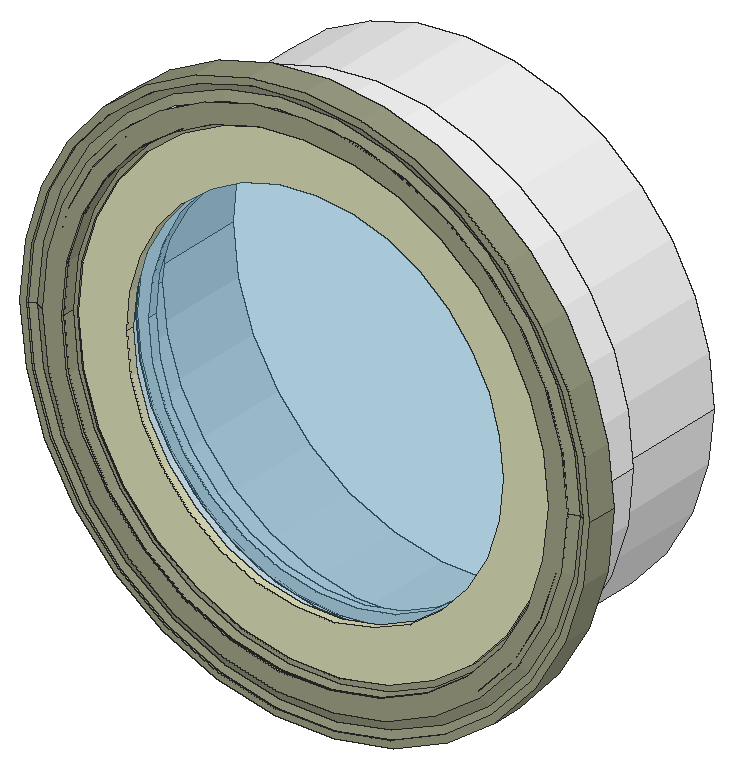
Revit family
Parameters (values of type "2Ft 0 In W (UFC2-0)")
  Type Comments = ""
  SmartBIM Object Version = 1  # constant formula
  SmartBIM Object Created By = "Reed Construction Data"  # constant formula
  Rough Width = Width + 0' 0 1/2"  # 2' - 0 1/2"
  Rough Height = Height + 0' 0 1/2"  # 2' - 0 1/2"
  Radius = Width / 2  # 1' - 0"
  Model = "UFC2-0"
  Glass Radius = Radius - 0' 2 11/16"  # 0' - 9 5/16"
  Emergency Escape & Rescue Opening = no
  Interior Material = Kolbe Ultra Pure White
  Glass Pane Material = Glass
  Exterior Wall Offset = 0' - 0"
  URL = "http://www.kolbe-kolbe.com/productoverview/index.cfm?page=ultraradius&source=model"
  Manufacturer = "Kolbe & Kolbe Millwork Co., Inc."  # constant formula
  Height = Radius * 2  # 2' - 0"
  Exterior Sash and Grille Material = Kolbe Spiced Vinegar
  Extension Jamb and Trim Material = Kolbe Bay Leaf
  Description = "Kolbe Ultra Series Casement Sash Set Full Circle"  # constant formula
  Default Sill Height = 3' - 0"
  Wall Closure = (empty or 0)
  Width = 2' - 0"
  95 CSI = "08550"  # constant formula
  04 CSI = "08 52 00"  # constant formula
  Assembly Code = ""
  2In Brickmould = yes
Reference planes (in)
  plane 1 "Center (Front/Back)": y = 0
  plane 2: z = 0
  plane 3 "Center (Left/Right)": x = -0.05306
  plane 4 "Left": x = -12.05306
  plane 5 "Right": x = 11.94694
  plane 6 "Sill": z = 36
  plane 7 "Top": z = 60
  plane 8 "Exterior Wall Offset Plane": y = -4
  plane 9 "Glass Bottom": z = 38.6875
  plane 10 "Glass Top": z = 57.3125
  plane 11 "Jamb Extension - Left Exterior": x = -11.61556
  plane 12 "Jamb Extension - Right Exterior": x = 11.50944
  plane 13 "Jamb Extension Alignment": y = -1.24391
  plane 14: x = -10.92806
  plane 15 "Top of Jamb Extension": z = 59.5625
  plane 16: z = 58.875
  plane 17 "Bottom of Jamb": z = 36.65234
  plane 18 "Hinge Alignment - Bottom": z = 36.91381
  plane 19 "Hinge Alignment - Left": x = 11.03288
  plane 20 "Hinge Alignment - Right": x = -11.13899
  plane 21 "Sill Nosing": z = 35.916
  plane 22 "Jamb Extension - Bottom": z = 36.4375
  plane 23: y = -4.23609
  plane 24: y = -3.61109
  plane 25: y = -3.48609
  plane 26: y = -4.36109
  plane 27 "Interior Grill Assembly Alignment": y = -3.92359
  plane 28 "Grills Alignment - Vertical": z = 48
  plane 29 "Top of Brickmould": z = 61.30078
  plane 30 "Header Drip Location": z = 61.30859
  plane 31 "Header Drip Right": x = 13.25554
  plane 32 "Header Drip Left": x = -13.36165
  plane 33 "Exterior Sash-Grill Assembly Interface": y = -4.79859
  plane 34 "Interior Sash Grill Assembly Interface": y = -3.11109
  plane 35 "Interior Edge of Upper Sash": y = -3.10044
  plane 36 "Exterior Edge of Upper Sash": y = -3.79859
  plane 37 "Hinge Alignment - Top": z = 59.0845
  plane 38 "Exterior Edge of Glass": y = -4.36109
  plane 39 "Interior Edge of Glass": y = -3.47241
  plane 40 "Interior of Exterior Glass Edge": y = -4.23778
  plane 41 "Interior of Interior Glass Edge": y = -3.59741
Forms (in)
  Sweep 1, solid, material "Kolbe Ultra Pure White" <- "Interior Material"
    path origin (0, -1.24391, 0) x (1, 0, 0) y (0, 0, 1)
      loop
        circle (-0.05306, 48) r 12
    profile origin (-0.05306, -1.24391, 60) x (0, 0, -1) y (0, -1, 0)
      loop
        line (0.4375, 0) -> (0.4375, -5.24391) -> (1.125, -5.24391) -> (1.125, 0) -> (0.4375, 0)
  Sweep 2, solid, material "Kolbe Spiced Vinegar" <- "Exterior Sash and Grille Material"
    path origin (0, -4, 0) x (-1, 0, 0) y (0, 0, 1)
      loop
        circle (0.05306, 48) r 12
    profile "Profile-Sash-Interior : Profile-Sash-Interior" origin (-0.05306, -4, 60) x (0, 0, -1) y (0, 1, 0)
      loop
        line (3.18894, -0.78687) -> (3.18894, -0.41187) -> (2.56394, -0.41187) -> (2.56394, 0) -> (0.91941, 0) -> (0.91941, -0.78687) -> (3.18894, -0.78687)
  Sweep 3, solid, material "Kolbe Ultra Pure White" <- "Interior Material"
    path origin (0, -4, 0) x (-1, 0, 0) y (0, 0, 1)
      loop
        circle (0.05306, 48) r 12
    profile "Profile-Sash-Exterior : Profile-Sash-Exterior" origin (-0.05306, -4, 60) x (0, 0, -1) y (0, 1, 0)
      loop
        line (2.56377, 0.52759) -> (3.19268, 0.52759) -> (3.19268, 0.91217) -> (0.91924, 0.91217) -> (0.91924, 0.00089) -> (2.56377, 0.00089) -> (2.56377, 0.52759)
  Sweep 4, solid, material "Kolbe Ultra Pure White" <- "Interior Material"
    path origin (0, -4, 0) x (-1, 0, 0) y (0, 0, 1)
      loop
        circle (0.05306, 48) r 12
    profile "Profile-Jamb-Interior : Profile-Jamb-Exterior" origin (-0.05306, -4, 60) x (0, 0, -1) y (0, 1, 0)
      loop
        line (0, 0) -> (0.91941, 0) -> (0.91941, 0.91234) -> (1.12644, 0.91234) -> (1.12644, 2.75781) -> (0, 2.75781) -> (0, 0)
  Sweep 5, solid, material "Kolbe Bay Leaf" <- "Extension Jamb and Trim Material"
    path origin (0, -4, 0) x (-1, 0, 0) y (0, 0, 1)
      loop
        circle (0.05306, 48) r 12
    profile "Profile-Jamb-Exterior : Profile-Jamb-Interior" origin (-0.05306, -4, 60) x (0, 0, -1) y (0, 1, 0)
      loop
        line (0, -1.29587) -> (0.65318, -1.296) -> (0.69711, -0.79683) -> (0.91941, -0.79683) -> (0.91941, 0) -> (0, 0) -> (0, -1.29587)
  Sweep 6, solid, material "Kolbe Bay Leaf" <- "Extension Jamb and Trim Material", visible <- "2In Brickmould"
    path origin (-24.74638, -4, 48) x (-1, 0, 0) y (0, 0, 1)
      loop
        circle (-24.69332, 0) r 12
    profile "Profile_Casing-Brickmould-2In_Kolbe : Profile_Casing-Brickmould-2In_Kolbe" origin (-0.05306, -4, 60) x (0, 0, -1) y (0, 1, 0)
      loop
        line (-1.30792, -1.36694) -> (-0.99542, -1.36694) -> (-0.99542, -1.30444) -> (-0.665, -1.1797) -> (-0.24542, -1.36694) -> (0.63893, -1.36694) -> (0.65319, -1.29669) -> (0, -1.29669) -> (0, 0) -> (-1.30792, 0) -> (-1.30792, -1.36694)
  Sweep 7, solid, material "Kolbe Ultra Pure White" <- "Interior Material"
    path origin (0, -4, 0) x (-1, 0, 0) y (0, 0, 1)
      loop
        circle (0.05306, 48) r 12
    profile "Profile-Jamb-ExteriorStop : Profile-Jamb-ExteriorStop" origin (-0.05306, -4, 60) x (0, 0, -1) y (0, 1, 0)
      loop
        line (1.90569, 2.9015) -> (1.12834, 2.9015) -> (1.12834, 0.90932) -> (1.90569, 0.90932) -> (1.90569, 2.9015)
  Extrusion 8, solid, material "Glass" <- "Glass Pane Material"
    sketch origin (0, -3.92359, 0) x (-1, 0, 0) y (0, 0, 1)
      loop
        circle (0.05306, 48) r 9.3125
    from -0.4375 to -0.31418
  Extrusion 9, solid, material "Glass" <- "Glass Pane Material"
    sketch origin (0, -2.92359, 0) x (-1, 0, 0) y (0, 0, -1)
      loop
        circle (0.05306, -48) r 9.3125
    from 0.54882 to 0.67382
Lines and regions (in)
  Opening 1
    outline origin (-60, -4, 0) x (1, 0, 0) y (0, 0, 1)
      loop
        circle (59.94694, 48) r 12
Text (in)
  text "EXTERIOR" at (-29.28539, -15.27242, 0), in view "Ref. Level"
  text "INTERIOR" at (-29.54989, 9.23236, 0), in view "Ref. Level"
  text "Exterior" at (0, -14.04097, 61.57392), in view "Left"
  text "Exterior" at (0, -58.40817, 96.37164), in view "Right"
Dimensions and locks (in)
  equal spacing: plane 4 "Left", plane 3 "Center (Left/Right)", plane 5 "Right"
  "Width": plane 4 "Left" to plane 5 "Right"
  "Height": plane 6 "Sill" to plane 7 "Top"
  "Default Sill Height": plane 2 to plane 6 "Sill"
  locked: plane 10 "Glass Top" to plane 7 "Top" at 2.6875
  locked: plane 6 "Sill" to plane 9 "Glass Bottom" at 2.6875
  "Exterior Wall Offset": plane 8 "Exterior Wall Offset Plane" to host wall
  locked: plane 8 "Exterior Wall Offset Plane" to plane 13 "Jamb Extension Alignment" at 2.75609
  locked: plane 17 "Bottom of Jamb" to plane 6 "Sill" at 0.65234
  locked: plane 6 "Sill" to plane 21 "Sill Nosing" at 0.084
  locked: plane 4 "Left" to plane 11 "Jamb Extension - Left Exterior" at 0.4375
  locked: plane 11 "Jamb Extension - Left Exterior" to plane 14 at 0.6875
  locked: plane 12 "Jamb Extension - Right Exterior" to plane 5 "Right" at 0.4375
  locked: plane 6 "Sill" to plane 22 "Jamb Extension - Bottom" at 0.4375
  locked: plane 19 "Hinge Alignment - Left" to plane 12 "Jamb Extension - Right Exterior" at 0.47656
  locked: plane 11 "Jamb Extension - Left Exterior" to plane 20 "Hinge Alignment - Right" at 0.47656
  locked: plane 26 to plane 23 at 0.125
  locked: plane 24 to plane 25 at 0.125
  locked: plane 8 "Exterior Wall Offset Plane" to plane 24 at 0.38891
  locked: plane 23 to plane 8 "Exterior Wall Offset Plane" at 0.23609
  equal spacing: plane 23, plane 27 "Interior Grill Assembly Alignment", plane 24
  equal spacing: plane 6 "Sill", plane 28 "Grills Alignment - Vertical", plane 7 "Top"
  locked: plane 7 "Top" to plane 29 "Top of Brickmould" at 1.30078
  locked: plane 30 "Header Drip Location" to plane 7 "Top" at 1.30859
  locked: plane 31 "Header Drip Right" to plane 5 "Right" at 1.30859
  locked: plane 32 "Header Drip Left" to plane 4 "Left" at 1.30859
  locked: plane 33 "Exterior Sash-Grill Assembly Interface" to plane 27 "Interior Grill Assembly Alignment" at 0.875
  locked: plane 34 "Interior Sash Grill Assembly Interface" to plane 27 "Interior Grill Assembly Alignment" at 0.8125
  locked: plane 18 "Hinge Alignment - Bottom" to plane 6 "Sill" at 0.91381
  locked: plane 7 "Top" to plane 15 "Top of Jamb Extension" at 0.4375
  locked: plane 35 "Interior Edge of Upper Sash" to plane 13 "Jamb Extension Alignment" at 1.85654
  locked: plane 15 "Top of Jamb Extension" to plane 37 "Hinge Alignment - Top" at 0.478
  locked: plane 37 "Hinge Alignment - Top" to plane 16 at 0.2095
  locked: plane 38 "Exterior Edge of Glass" to plane 27 "Interior Grill Assembly Alignment" at 0.4375
  locked: plane 27 "Interior Grill Assembly Alignment" to plane 39 "Interior Edge of Glass" at 0.45118
  locked: plane 40 "Interior of Exterior Glass Edge" to plane 38 "Exterior Edge of Glass" at 0.12332
  locked: plane 39 "Interior Edge of Glass" to plane 41 "Interior of Interior Glass Edge" at 0.125
  locked: Sweep 1 sketch curve to Sweep 1 sketch curve at 0.6875
  locked: Sweep 1 sketch curve to plane 7 "Top" at 0.4375
  "Radius": radius of Sweep 6 sketch curve
  "Radius": radius of Sweep 5 sketch curve
  "Radius": radius of Sweep 4 sketch curve
  "Radius": radius of Opening 1 sketch curve
  "Radius": radius of Sweep 2 sketch curve
  "Radius": radius of Sweep 3 sketch curve
  "Radius": radius of Sweep 1 sketch curve
  "Radius": radius of Sweep 7 sketch curve
  "Glass Radius": radius of Extrusion 9 sketch curve
  "Glass Radius": radius of Extrusion 8 sketch curve
  aligned and locked: host wall to Sweep 1 sketch curve
  aligned and locked: plane 3 "Center (Left/Right)" to Sweep 6 sketch curve
  aligned and locked: plane 28 "Grills Alignment - Vertical" to Sweep 6 sketch curve
  aligned and locked: plane 3 "Center (Left/Right)" to Sweep 5 sketch curve
  aligned and locked: plane 28 "Grills Alignment - Vertical" to Sweep 5 sketch curve
  aligned and locked: plane 3 "Center (Left/Right)" to Sweep 4 sketch curve
  aligned and locked: plane 28 "Grills Alignment - Vertical" to Sweep 4 sketch curve
  aligned and locked: plane 3 "Center (Left/Right)" to Opening 1 sketch curve
  aligned and locked: plane 28 "Grills Alignment - Vertical" to Opening 1 sketch curve
  aligned and locked: plane 3 "Center (Left/Right)" to Sweep 2 sketch curve
  aligned and locked: plane 28 "Grills Alignment - Vertical" to Sweep 2 sketch curve
  aligned and locked: plane 3 "Center (Left/Right)" to Sweep 3 sketch curve
  aligned and locked: plane 28 "Grills Alignment - Vertical" to Sweep 3 sketch curve
  aligned and locked: plane 3 "Center (Left/Right)" to Sweep 1 sketch curve
  aligned and locked: plane 28 "Grills Alignment - Vertical" to Sweep 1 sketch curve
  aligned and locked: plane 3 "Center (Left/Right)" to Sweep 7 sketch curve
  aligned and locked: plane 28 "Grills Alignment - Vertical" to Sweep 7 sketch curve
  aligned and locked: plane 38 "Exterior Edge of Glass" to Extrusion 8
  aligned and locked: plane 40 "Interior of Exterior Glass Edge" to Extrusion 8
  aligned and locked: Extrusion 9 to plane 39 "Interior Edge of Glass"
  aligned and locked: Extrusion 9 to plane 41 "Interior of Interior Glass Edge"
Automatic sketch dimensions
  Sweep 1 sketch curve to plane 13 "Jamb Extension Alignment" = 0' - 0"
  Extrusion 9 sketch curve to plane 3 "Center (Left/Right)" = 0' - 0"
  Extrusion 9 sketch curve to plane 28 "Grills Alignment - Vertical" = 0' - 0"
  Extrusion 8 sketch curve to plane 3 "Center (Left/Right)" = 0' - 0"
  Extrusion 8 sketch curve to plane 28 "Grills Alignment - Vertical" = 0' - 0"
